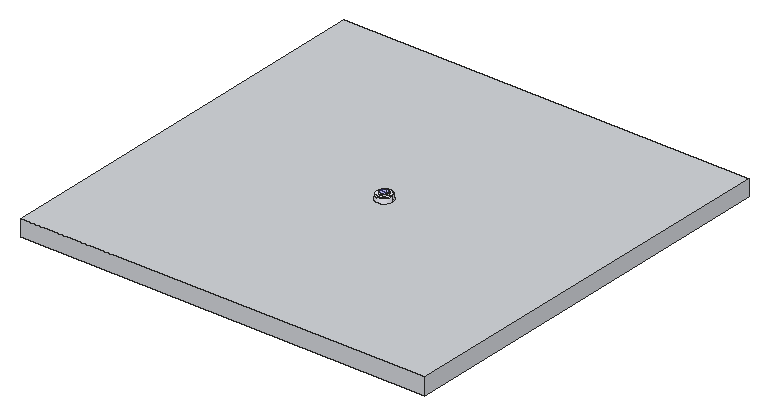
Revit family "BEG-92154", category Dispositifs d'éclairage, Revit 2015
Parameters
  Detection zone [instance] = yes
  Seat area [instance] = height position < 301 cm  # yes
  URL = "http://www.luxomat.com/en-92154"
  Type of output = "SWITCH"
  Ambiant temperature = "-25°C to +50°C"
  Ref = "92154"
  Relay = "3A"
  height position [instance] = 250 cm
  direct Range [instance] = height position * 2.4  # 600 cm
  transversal Range [instance] = height position * 4  # 1000 cm
  Modèle = "PD2/M/2C-11-48V-3A-SM"
  Installation type = "Ceiling"
  Brand = "LUXOMAT"
  Image du type = 92550.jpg
  IP = "20"
  Mounting height max = Installation height max  # 300 cm
  Installation height max = 300 cm
  Fabricant = "B.E.G"
  Label [instance] = yes
  Default Elevation = 0 cm
  Consumption = "0,29W"
  Commentaires du type = "Occupancy detector PD2/M/2C-11-48V-3A-SM"
  Code d'assemblage = "D5010200"
  Class = "2"
  Switching power LED = "0"
  Switching power Cos ɸ =1 = "0"
  Switching power Cos ɸ =0.5 = "0"
  Power voltage = "11-48V AC/DC"
  seated activity [instance] = height position * 1.6  # 400 cm
Reference planes (cm)
  plane 1 "Centre (avant/arrière)": y = 0
  plane 2: z = 0
  plane 3 "Centre (gauche/droite)": x = 0
Forms (cm)
  Extrusion 1, solid
    sketch origin (0, 0, 0) x (1, 0, 0) y (0, 1, 0)
      loop
        line (-121.92, 121.92) -> (-121.92, -121.92) -> (121.92, -121.92) -> (121.92, 121.92) -> (-121.92, 121.92)
    from 0 to -10
Dimensions and locks (cm)
  aligned and locked: plane 2 to Extrusion 1
  aligned and locked: level to Extrusion 1
  aligned and locked: nested 2 to plane 2
Nested families (cm)
  nested 1: "Famille1" at (0, -72.6659, 0) x (-1, 0, 0) z (0, 0, 1), reference <- "Ref", modele <- "Modèle", visible <- "Label", type "Famille1"
    with reference "92154", modele "PD2/M/2C-11-48V-3A-SM"
  nested 2: "M8" at (0, 0, 0), type "Standard"
  nested 3: "zone G" at (0, 0, 0) x (-1, 0, 0) z (0, 0, 1), visible <- "Detection zone", activité assise <- "seated activity", biais <- "transversal Range", frontal <- "direct Range", Zone assise <- "Seat area", type "zone G"
    with position 2 240 cm, position 1 400 cm, frontal 600 cm, biais 1000 cm, activité assise 400 cm, Zone assise yes
  nested 4: "Plafond 360° 2D" at (0, 0, 0), type "Plafond 360° 2D"
Connectors (cm)
  electrical at (0, 0, 0)
    settings: on nested 2, index 1, voltage 48 V, apparent load 0 VA, apparent load phase1 0 VA, apparent load phase2 0 VA, apparent load phase3 0 VA, power factor 1, load classification "Eclairage", number of poles 1, system type 31, power factor state 1, is connector primary yes, connector utility no, sub classification motor no, connector description ""
Definition of nested family "M8"
  Reference planes (cm)
    plane 1 "Centre (avant/arrière)": y = 0
    plane 2: z = 0
    plane 3 "Centre (gauche/droite)": x = 0
    plane 4: y = 0
  Forms (cm)
    Revolve 1, solid
      sketch origin (0, 0, 0) x (-1, 0, 0) y (0, 0, 1)
        loop
          line (0, 0) -> (0, 3.6) -> (-2.45, 3.6) -> (-2.6598, 3.35) -> (-2.6598, 3.1) -> (-4.3661, 2.8) -> (-4.69, 2.4) -> (-4.9, 0) -> (0, 0)
        axis (0, 0) -> (0, 3.6)
      angle from 0 to 360
    Revolve 2, solid
      sketch origin (0, 0, 0) x (-1, 0, 0) y (0, 0, 1)
        loop
          line (0, 3.6) -> (0, 5)
          arc (0, 5) -> (-1.3892, 4.6244) -> (-2.4, 3.6) r 2.7571
          line (-2.4, 3.6) -> (0, 3.6)
        axis (0, 3.6) -> (0, 5)
      angle from 0 to 360
  Lines and regions (cm)
    reference lines
      curve 1: line (0, 0, 0) -> (0, 0, 5)
      curve 2: line (2.45, 0, 3.6) -> (0, 0, 3.6)
      curve 3: line (2.6598, 0, 3.35) -> (2.45, 0, 3.6)
      curve 4: line (2.6598, 0, 3.35) -> (2.6598, 0, 3.1)
      curve 5: line (4.3661, 0, 2.8) -> (2.6598, 0, 3.1)
      curve 6: line (4.69, 0, 2.4) -> (4.3661, 0, 2.8)
      curve 7: line (4.9, 0, 0) -> (4.69, 0, 2.4)
      curve 8: line (0, 0, 0) -> (4.9, 0, 0)
      curve 9: line (0, 0, 5) -> (0, 0, 3.6)
      curve 10: arc (0, 0, 5) -> (1.3892, 0, 4.6244) -> (2.4, 0, 3.6) r 2.7571
      curve 11: line (0, 0, 3.6) -> (2.4, 0, 3.6)
      curve 12: line (0, 0, 0) -> (0, 0, 5)
  Dimensions and locks (cm)
    aligned and locked: level to plane 2
    aligned and locked: Revolve 1 sketch curve to curve 1  (x2)
    aligned and locked: Revolve 1 sketch curve to curve 2
    aligned and locked: Revolve 1 sketch curve to curve 3
    aligned and locked: Revolve 1 sketch curve to curve 4
    aligned and locked: Revolve 1 sketch curve to curve 5
    aligned and locked: Revolve 1 sketch curve to curve 6
    aligned and locked: Revolve 1 sketch curve to curve 7
    aligned and locked: Revolve 1 sketch curve to curve 8
    aligned and locked: Revolve 2 sketch curve to curve 9
    aligned and locked: Revolve 2 sketch curve to curve 10
    aligned and locked: Revolve 2 sketch curve to curve 11
    aligned and locked: Revolve 2 sketch curve to curve 12
Definition of nested family "Famille1"
  Parameters (values of type "Famille1")
    reference [instance] = ""
    modele [instance] = ""
  Reference planes (cm)
    plane 1: y = 0
    plane 2: x = 0
  Text (cm)
    label "reference\n\nmodele" at (0.0074, 0.0451, 0), shows "reference", "modele"
Definition of nested family "zone G"
  Parameters (values of type "zone G")
    position 2 [instance] = (frontal / 2) * 0.8  # 240 cm
    position 1 [instance] = (biais / 2) * 0.8  # 400 cm
    frontal [instance] = 600 cm
    biais [instance] = 1000 cm
    activité assise [instance] = 400 cm
    Zone assise [instance] = yes
  Reference planes (cm)
    plane 1 "Centre (avant/arrière)": y = 0
    plane 2: z = 0
    plane 3 "Centre (gauche/droite)": x = 0
    plane 4: x = -400
    plane 5: y = -240
  Lines and regions (cm)
    detail lines, in view "Niveau de réf.", visible <- "Zone assise"
      curve 1: circle (0, 0, 0) r 200 normal (0, 0, 1)
      curve 4: spline (-105.2767, 3.2118, 0) -> (-104.9106, 3.0586, 0) -> (-103.8375, 2.9158, 0) -> (-102.1303, 2.7932, 0) -> (-99.9055, 2.6991, 0) -> (-97.3146, 2.6399, 0) -> (-94.5343, 2.6198, 0) -> (-91.7539, 2.6399, 0) -> (-89.163, 2.6991, 0) -> (-86.9382, 2.7932, 0) -> (-85.231, 2.9158, 0) -> (-84.1579, 3.0586, 0) -> (-83.7918, 3.2118, 0) -> (-84.1579, 3.365, 0) -> (-85.231, 3.5078, 0) -> (-86.9382, 3.6305, 0) -> (-89.163, 3.7245, 0) -> (-91.7539, 3.7837, 0) -> (-94.5343, 3.8039, 0) -> (-97.3146, 3.7837, 0) -> (-99.9055, 3.7245, 0) -> (-102.1303, 3.6305, 0) -> (-103.8375, 3.5078, 0) -> (-104.9106, 3.365, 0) -> (-105.2767, 3.2118, 0)
      curve 5: line (-105.2767, 3.2118, 0) -> (-103.7271, 3.5181, 0)
      curve 6: arc (-102.6495, -16.5888, 0) -> (-107.2915, -17.186, 0) -> (-111.6311, -18.9388, 0) r 18.3388
      curve 7: arc (-111.6311, -18.9388, 0) -> (-111.6982, -19.0046, 0) -> (-111.7229, -19.0953, 0) r 0.1799
      curve 8: arc (-102.4571, -17.1805, 0) -> (-106.7473, -17.5804, 0) -> (-110.8538, -18.8852, 0) r 20.1051
      curve 9: arc (-110.8538, -18.8852, 0) -> (-111.0396, -18.979, 0) -> (-111.2122, -19.0953, 0) r 1.6679
      curve 10: circle (-111.4676, -19.8292, 0) r 0.5096 normal (0, 0, 1)
      curve 11: arc (-110.898, -19.8292, 0) -> (-111.4676, -19.2597, 0) -> (-112.0372, -19.8292, 0) r 0.5696
      curve 12: arc (-110.838, -19.8292, 0) -> (-111.4676, -19.1997, 0) -> (-112.0972, -19.8292, 0) r 0.6296
      curve 13: arc (-86.4191, -16.5888, 0) -> (-81.7771, -17.186, 0) -> (-77.4374, -18.9388, 0) r 18.3388
      curve 14: arc (-77.4374, -18.9388, 0) -> (-77.3704, -19.0046, 0) -> (-77.3456, -19.0953, 0) r 0.1799
      curve 15: arc (-86.6114, -17.1805, 0) -> (-82.3212, -17.5804, 0) -> (-78.2147, -18.8852, 0) r 20.1051
      curve 16: arc (-78.2147, -18.8852, 0) -> (-78.0289, -18.979, 0) -> (-77.8563, -19.0953, 0) r 1.6679
      curve 17: circle (-77.6009, -19.8292, 0) r 0.5096 normal (0, 0, 1)
      curve 18: arc (-77.0314, -19.8292, 0) -> (-77.6009, -19.2597, 0) -> (-78.1705, -19.8292, 0) r 0.5696
      curve 19: arc (-76.9714, -19.8292, 0) -> (-77.6009, -19.1997, 0) -> (-78.2305, -19.8292, 0) r 0.6296
      curve 20: arc (-95.2593, -16.5888, 0) -> (-98.9871, -17.441, 0) -> (-102.5056, -18.9388, 0) r 21.5424
      curve 21: arc (-102.5056, -18.9388, 0) -> (-102.5726, -19.0046, 0) -> (-102.5974, -19.0953, 0) r 0.1799
      curve 22: arc (-95.2593, -17.1805, 0) -> (-98.5536, -17.8061, 0) -> (-101.7283, -18.8852, 0) r 23.9713
      curve 23: arc (-101.7283, -18.8852, 0) -> (-101.911, -18.9772, 0) -> (-102.081, -19.0909, 0) r 1.6679
      curve 24: arc (-95.0229, -17.1805, 0) -> (-98.2689, -17.8294, 0) -> (-101.4063, -18.8852, 0) r 26.0219
      curve 25: arc (-101.4063, -18.8852, 0) -> (-101.592, -18.979, 0) -> (-101.7647, -19.0953, 0) r 1.6679
      curve 26: circle (-102.181, -19.8292, 0) r 0.5096 normal (0, 0, 1)
      curve 27: arc (-101.6114, -19.8292, 0) -> (-102.181, -19.2597, 0) -> (-102.7506, -19.8292, 0) r 0.5696
      curve 28: arc (-101.5514, -19.8292, 0) -> (-102.181, -19.1997, 0) -> (-102.8106, -19.8292, 0) r 0.6296
      curve 29: arc (-93.8092, -16.5888, 0) -> (-90.0814, -17.441, 0) -> (-86.5629, -18.9388, 0) r 21.5424
      curve 30: arc (-86.5629, -18.9388, 0) -> (-86.4959, -19.0046, 0) -> (-86.4711, -19.0953, 0) r 0.1799
      curve 31: arc (-93.8092, -17.1805, 0) -> (-90.5149, -17.8061, 0) -> (-87.3402, -18.8852, 0) r 23.9713
      curve 32: arc (-87.3402, -18.8852, 0) -> (-87.1544, -18.979, 0) -> (-86.9818, -19.0953, 0) r 1.6679
      curve 33: arc (-94.0457, -17.1805, 0) -> (-90.7996, -17.8294, 0) -> (-87.6622, -18.8852, 0) r 26.0219
      curve 34: arc (-87.6622, -18.8852, 0) -> (-87.4765, -18.979, 0) -> (-87.3039, -19.0953, 0) r 1.6679
      curve 35: circle (-86.8875, -19.8292, 0) r 0.5096 normal (0, 0, 1)
      curve 36: arc (-86.3179, -19.8292, 0) -> (-86.8875, -19.2597, 0) -> (-87.4571, -19.8292, 0) r 0.5696
      curve 37: arc (-86.2579, -19.8292, 0) -> (-86.8875, -19.1997, 0) -> (-87.5171, -19.8292, 0) r 0.6296
      curve 38: arc (-103.0079, 8.8705, 0) -> (-101.8776, 5.8173, 0) -> (-98.8653, 4.5819, 0) r 4.0512
      curve 39: arc (-83.7186, 4.2269, 0) -> (-82.9538, 3.7817, 0) -> (-82.7946, 2.9112, 0) r 1.0582
      curve 40: arc (-82.7946, 2.9112, 0) -> (-84.0889, -6.227, 0) -> (-84.0703, -15.4564, 0) r 64.7189
      curve 41: arc (-84.0703, -15.4564, 0) -> (-83.933, -16.0031, 0) -> (-83.4527, -16.2981, 0) r 0.7467
      curve 42: arc (-83.4527, -16.2981, 0) -> (-80.3714, -16.8717, 0) -> (-77.238, -16.9405, 0) r 19.3577
      curve 43: arc (-77.238, -16.9405, 0) -> (-77.6363, -16.4391, 0) -> (-78.2461, -16.244, 0) r 1.1013
      curve 44: arc (-78.2461, -16.244, 0) -> (-80.4274, -15.8096, 0) -> (-82.5587, -15.1742, 0) r 23.8747
      curve 45: arc (-82.5587, -15.1742, 0) -> (-81.6045, -6.5488, 0) -> (-80.848, 2.0961, 0) r 379.1961
      curve 46: arc (-80.848, 2.0961, 0) -> (-81.0708, 4.8418, 0) -> (-83.0581, 6.7494, 0) r 3.8846
      curve 47: arc (-83.0581, 6.7494, 0) -> (-89.2141, 8.8147, 0) -> (-95.6542, 9.6431, 0) r 33.2193
      curve 48: arc (-95.6542, 9.6431, 0) -> (-94.8516, 17.305, 0) -> (-94.8609, 25.0089, 0) r 72.9952
      curve 49: arc (-95.1116, 28.28, 0) -> (-95.2196, 29.2958, 0) -> (-95.3418, 30.31, 0) r 72.9952
      curve 50: arc (-98.1747, 30.0752, 0) -> (-100.3426, 29.2913, 0) -> (-99.4886, 27.1501, 0) r 1.6042
      curve 51: arc (-95.3418, 30.31, 0) -> (-98.7298, 32.2574, 0) -> (-102.1179, 30.31, 0) r 3.9209
      curve 52: arc (-68.8418, 20.3177, 0) -> (-68.8537, 20.2265, 0) -> (-68.9411, 20.2549, 0) r 0.0597
      curve 53: arc (-70.9776, 20.5408, 0) -> (-70.9496, 20.3832, 0) -> (-71.1082, 20.3621, 0) r 0.1108
      curve 54: spline (-98.8908, 41.6409, 0) -> (-97.9793, 41.5103, 0) -> (-97.1229, 41.0855, 0) -> (-96.38, 40.3954, 0) -> (-95.8012, 39.4871, 0) -> (-95.426, 38.4224, 0) -> (-95.2799, 37.274, 0) -> (-95.3728, 36.12, 0) -> (-95.6985, 35.0392, 0) -> (-96.2348, 34.1051, 0) -> (-96.945, 33.3815, 0) -> (-97.7809, 32.9176, 0) -> (-98.6854, 32.7451, 0) -> (-99.5969, 32.8757, 0) -> (-100.4532, 33.3005, 0) -> (-101.1961, 33.9906, 0) -> (-101.7749, 34.8989, 0) -> (-102.1502, 35.9636, 0) -> (-102.2963, 37.112, 0) -> (-102.2033, 38.266, 0) -> (-101.8776, 39.3468, 0) -> (-101.3414, 40.2809, 0) -> (-100.6311, 41.0045, 0) -> (-99.7953, 41.4684, 0) -> (-98.8908, 41.6409, 0)
      curve 55: line (-74.1608, -20.3388, 0) -> (-33.3759, -20.3388, 0)
      curve 56: line (-33.3759, -20.3388, 0) -> (-33.3759, 18.6681, 0)
      curve 57: line (-33.3759, 18.6681, 0) -> (-74.1608, 18.6681, 0)
      curve 58: line (-74.1608, 18.6681, 0) -> (-74.1608, -20.3388, 0)
      curve 59: line (-74.1608, -20.3388, 0) -> (-120.7181, -20.3388, 0)
      curve 60: line (-80.1025, 18.6681, 0) -> (-27.4342, 18.6681, 0)
      curve 61: line (-27.4342, 18.6681, 0) -> (-27.4342, 20.1345, 0)
      curve 62: line (-27.4342, 20.1345, 0) -> (-80.1025, 20.1345, 0)
      curve 63: line (-80.1025, 20.1345, 0) -> (-80.1025, 18.6681, 0)
      curve 64: line (-95.5223, 2.6198, 0) -> (-93.5462, 2.6198, 0)
      curve 65: line (-93.5462, 2.6198, 0) -> (-93.5462, -16.5888, 0)
      curve 66: line (-93.5462, -16.5888, 0) -> (-95.5223, -16.5888, 0)
      curve 67: line (-95.5223, -16.5888, 0) -> (-95.5223, 2.6198, 0)
      curve 68: line (-95.5223, -16.5888, 0) -> (-102.6495, -16.5888, 0)
      curve 69: line (-111.7229, -19.0953, 0) -> (-111.2122, -19.0953, 0)
      curve 70: line (-93.8092, -16.5888, 0) -> (-94.0457, -17.1805, 0)
      curve 71: line (-94.0457, -17.1805, 0) -> (-93.8092, -17.1805, 0)
      curve 72: line (-93.8092, -17.1805, 0) -> (-94.5343, -17.1805, 0)
      curve 73: line (-94.5343, -17.1805, 0) -> (-95.2593, -17.1805, 0)
      curve 74: line (-95.2593, -17.1805, 0) -> (-95.0229, -17.1805, 0)
      curve 75: line (-95.0229, -17.1805, 0) -> (-95.2593, -16.5888, 0)
      curve 76: line (-98.1226, -17.1805, 0) -> (-102.4571, -17.1805, 0)
      curve 77: line (-112.0372, -19.8292, 0) -> (-112.0972, -19.8292, 0)
      curve 78: line (-110.898, -19.8292, 0) -> (-110.838, -19.8292, 0)
      curve 79: line (-111.3676, -19.2076, 0) -> (-111.3676, -19.0953, 0)
      curve 80: line (-111.5676, -19.2076, 0) -> (-111.5676, -19.0953, 0)
      curve 81: line (-93.5462, -16.5888, 0) -> (-86.4191, -16.5888, 0)
      curve 82: line (-77.3456, -19.0953, 0) -> (-77.8563, -19.0953, 0)
      curve 83: line (-90.9459, -17.1805, 0) -> (-86.6114, -17.1805, 0)
      curve 84: line (-77.0314, -19.8292, 0) -> (-76.9714, -19.8292, 0)
      curve 85: line (-78.1705, -19.8292, 0) -> (-78.2305, -19.8292, 0)
      curve 86: line (-77.7009, -19.2076, 0) -> (-77.7009, -19.0953, 0)
      curve 87: line (-77.5009, -19.2076, 0) -> (-77.5009, -19.0953, 0)
      curve 88: line (-102.5974, -19.0953, 0) -> (-101.7647, -19.0953, 0)
      curve 89: line (-102.7506, -19.8292, 0) -> (-102.8106, -19.8292, 0)
      curve 90: line (-101.6114, -19.8292, 0) -> (-101.5514, -19.8292, 0)
      curve 91: line (-102.081, -19.2076, 0) -> (-102.081, -19.0909, 0)
      curve 92: line (-102.281, -19.2076, 0) -> (-102.281, -19.0953, 0)
      curve 93: line (-86.4711, -19.0953, 0) -> (-87.3039, -19.0953, 0)
      curve 94: line (-86.3179, -19.8292, 0) -> (-86.2579, -19.8292, 0)
      curve 95: line (-87.4571, -19.8292, 0) -> (-87.5171, -19.8292, 0)
      curve 96: line (-86.9875, -19.2076, 0) -> (-86.9875, -19.0953, 0)
      curve 97: line (-86.7875, -19.2076, 0) -> (-86.7875, -19.0953, 0)
      curve 98: line (-98.8653, 4.5819, 0) -> (-83.7186, 4.2269, 0)
      curve 99: line (-103.0079, 8.8705, 0) -> (-102.1179, 30.31, 0)
      curve 100: line (-98.1747, 30.0752, 0) -> (-85.3255, 22.5448, 0)
      curve 101: line (-85.3255, 22.5448, 0) -> (-74.2929, 21.667, 0)
      curve 102: line (-74.2929, 21.667, 0) -> (-71.6033, 21.7219, 0)
      curve 103: line (-71.6033, 21.7219, 0) -> (-69.7371, 21.2829, 0)
      curve 104: line (-69.7371, 21.2829, 0) -> (-68.8418, 20.3177, 0)
      curve 105: line (-68.9411, 20.2549, 0) -> (-69.7808, 21.0896, 0)
      curve 106: line (-69.7808, 21.0896, 0) -> (-71.6115, 21.2989, 0)
      curve 107: line (-71.6115, 21.2989, 0) -> (-72.0159, 21.0248, 0)
      curve 108: line (-72.0159, 21.0248, 0) -> (-70.9776, 20.5408, 0)
      curve 109: line (-71.1082, 20.3621, 0) -> (-72.6656, 20.8949, 0)
      curve 110: line (-72.6656, 20.8949, 0) -> (-74.496, 20.6558, 0)
      curve 111: line (-74.496, 20.6558, 0) -> (-86.0144, 20.9158, 0)
      curve 112: line (-86.0144, 20.9158, 0) -> (-99.4886, 27.1501, 0)
      curve 113: line (-99.8644, 32.9741, 0) -> (-99.9944, 32.0479, 0)
      curve 114: line (-97.5142, 33.0301, 0) -> (-97.3718, 32.0147, 0)
      curve 115: line (-33.3759, -20.3388, 0) -> (-21.8014, -20.3388, 0)
    detail lines, in view "Niveau de réf."
      curve 2: circle (0, 0, 0) r 300 normal (0, 0, 1)
      curve 3: circle (0, 0, 0) r 500 normal (0, 0, 1)
      curve 116: spline (2.3068, -267.7265, 0) -> (4.0856, -267.3949, 0) -> (5.7432, -266.4226, 0) -> (7.1667, -264.876, 0) -> (8.2589, -262.8603, 0) -> (8.9455, -260.5131, 0) -> (9.1797, -257.9942, 0) -> (8.9455, -255.4753, 0) -> (8.2589, -253.1281, 0) -> (7.1667, -251.1125, 0) -> (5.7432, -249.5658, 0) -> (4.0856, -248.5936, 0) -> (2.3068, -248.262, 0) -> (0.5279, -248.5936, 0) -> (-1.1297, -249.5658, 0) -> (-2.5531, -251.1125, 0) -> (-3.6453, -253.1281, 0) -> (-4.3319, -255.4753, 0) -> (-4.5661, -257.9942, 0) -> (-4.3319, -260.5131, 0) -> (-3.6453, -262.8603, 0) -> (-2.5531, -264.876, 0) -> (-1.1297, -266.4226, 0) -> (0.5279, -267.3949, 0) -> (2.3068, -267.7265, 0)
      curve 117: line (-4.7649, -255.0929, 0) -> (0.5136, -267.9212, 0)
      curve 118: line (3.5648, -268.0775, 0) -> (9.2455, -254.5266, 0)
      curve 119: line (-0.3759, -248.4588, 0) -> (-3.0011, -250.8806, 0)
      curve 120: line (3.5053, -268.5045, 0) -> (6.62, -268.3756, 0)
      curve 121: line (1.7304, -268.3525, 0) -> (3.5053, -268.5045, 0)
      curve 122: line (-4.7649, -255.0929, 0) -> (0.5136, -267.9212, 0)
      curve 123: line (-21.1936, -255.3894, 0) -> (-24.4202, -257.3623, 0)
      curve 124: line (-21.1936, -255.3894, 0) -> (-24.4202, -257.3623, 0)
      curve 125: line (-0.3759, -248.4588, 0) -> (-3.0011, -250.8806, 0)
      curve 126: line (1.7304, -268.3525, 0) -> (6.62, -268.3756, 0)
      curve 127: line (3.5648, -268.0775, 0) -> (9.2455, -254.5266, 0)
      curve 128: line (0, -240, 0) -> (0, -209.0788, 0)
      curve 129: line (0, -209.0788, 0) -> (0, -200.7814, 0)
      curve 130: spline (-397.6932, -27.7265, 0) -> (-395.9144, -27.3949, 0) -> (-394.2568, -26.4226, 0) -> (-392.8333, -24.876, 0) -> (-391.7411, -22.8603, 0) -> (-391.0545, -20.5131, 0) -> (-390.8203, -17.9942, 0) -> (-391.0545, -15.4753, 0) -> (-391.7411, -13.1281, 0) -> (-392.8333, -11.1125, 0) -> (-394.2568, -9.5658, 0) -> (-395.9144, -8.5936, 0) -> (-397.6932, -8.262, 0) -> (-399.4721, -8.5936, 0) -> (-401.1297, -9.5658, 0) -> (-402.5531, -11.1125, 0) -> (-403.6453, -13.1281, 0) -> (-404.3319, -15.4753, 0) -> (-404.5661, -17.9942, 0) -> (-404.3319, -20.5131, 0) -> (-403.6453, -22.8603, 0) -> (-402.5531, -24.876, 0) -> (-401.1297, -26.4226, 0) -> (-399.4721, -27.3949, 0) -> (-397.6932, -27.7265, 0)
      curve 131: line (-404.7649, -15.0929, 0) -> (-399.4864, -27.9212, 0)
      curve 132: line (-396.4352, -28.0775, 0) -> (-390.7545, -14.5266, 0)
      curve 133: line (-400.3759, -8.4588, 0) -> (-403.0011, -10.8806, 0)
      curve 134: line (-396.4947, -28.5045, 0) -> (-393.38, -28.3756, 0)
      curve 135: line (-398.2696, -28.3525, 0) -> (-396.4947, -28.5045, 0)
      curve 136: line (-404.7649, -15.0929, 0) -> (-399.4864, -27.9212, 0)
      curve 137: line (-421.1936, -15.3894, 0) -> (-424.4202, -17.3623, 0)
      curve 138: line (-421.1936, -15.3894, 0) -> (-424.4202, -17.3623, 0)
      curve 139: line (-400.3759, -8.4588, 0) -> (-403.0011, -10.8806, 0)
      curve 140: line (-398.2696, -28.3525, 0) -> (-393.38, -28.3756, 0)
      curve 141: line (-396.4352, -28.0775, 0) -> (-390.7545, -14.5266, 0)
      curve 142: line (-400, 0, 0) -> (-400, 30.9212, 0)
      curve 143: line (-400, 30.9212, 0) -> (-400, 39.2186, 0)
    detail lines, in view "Niveau de réf.", visible <- "Zone assise", not visible
      curve 144: spline (925.976, -22.5654, 0) -> (926.342, -22.7186, 0) -> (927.4152, -22.8614, 0) -> (929.1224, -22.984, 0) -> (931.3472, -23.0781, 0) -> (933.938, -23.1373, 0) -> (936.7184, -23.1574, 0) -> (939.4987, -23.1373, 0) -> (942.0896, -23.0781, 0) -> (944.3144, -22.984, 0) -> (946.0216, -22.8614, 0) -> (947.0948, -22.7186, 0) -> (947.4608, -22.5654, 0) -> (947.0948, -22.4122, 0) -> (946.0216, -22.2694, 0) -> (944.3144, -22.1467, 0) -> (942.0896, -22.0527, 0) -> (939.4987, -21.9935, 0) -> (936.7184, -21.9733, 0) -> (933.938, -21.9935, 0) -> (931.3472, -22.0527, 0) -> (929.1224, -22.1467, 0) -> (927.4152, -22.2694, 0) -> (926.342, -22.4122, 0) -> (925.976, -22.5654, 0)
      curve 145: line (925.976, -22.5654, 0) -> (927.5256, -22.2591, 0)
      curve 146: arc (928.6032, -42.366, 0) -> (923.9612, -42.9632, 0) -> (919.6215, -44.716, 0) r 18.3388
      curve 147: arc (919.6215, -44.716, 0) -> (919.5545, -44.7818, 0) -> (919.5297, -44.8725, 0) r 0.1799
      curve 148: arc (928.7956, -42.9577, 0) -> (924.5053, -43.3576, 0) -> (920.3988, -44.6624, 0) r 20.1051
      curve 149: arc (920.3988, -44.6624, 0) -> (920.213, -44.7562, 0) -> (920.0404, -44.8725, 0) r 1.6679
      curve 150: circle (919.7851, -45.6065, 0) r 0.5096 normal (0, 0, 1)
      curve 151: arc (920.3547, -45.6065, 0) -> (919.7851, -45.0369, 0) -> (919.2155, -45.6065, 0) r 0.5696
      curve 152: arc (920.4147, -45.6065, 0) -> (919.7851, -44.9769, 0) -> (919.1555, -45.6065, 0) r 0.6296
      curve 153: arc (944.8336, -42.366, 0) -> (949.4756, -42.9632, 0) -> (953.8152, -44.716, 0) r 18.3388
      curve 154: arc (953.8152, -44.716, 0) -> (953.8823, -44.7818, 0) -> (953.907, -44.8725, 0) r 0.1799
      curve 155: arc (944.6412, -42.9577, 0) -> (948.9315, -43.3576, 0) -> (953.038, -44.6624, 0) r 20.1051
      curve 156: arc (953.038, -44.6624, 0) -> (953.2237, -44.7562, 0) -> (953.3964, -44.8725, 0) r 1.6679
      curve 157: circle (953.6517, -45.6065, 0) r 0.5096 normal (0, 0, 1)
      curve 158: arc (954.2213, -45.6065, 0) -> (953.6517, -45.0369, 0) -> (953.0821, -45.6065, 0) r 0.5696
      curve 159: arc (954.2813, -45.6065, 0) -> (953.6517, -44.9769, 0) -> (953.0221, -45.6065, 0) r 0.6296
      curve 160: arc (935.9933, -42.366, 0) -> (932.2655, -43.2182, 0) -> (928.7471, -44.716, 0) r 21.5424
      curve 161: arc (928.7471, -44.716, 0) -> (928.68, -44.7818, 0) -> (928.6553, -44.8725, 0) r 0.1799
      curve 162: arc (935.9933, -42.9577, 0) -> (932.6991, -43.5833, 0) -> (929.5243, -44.6624, 0) r 23.9713
      curve 163: arc (929.5243, -44.6624, 0) -> (929.3417, -44.7544, 0) -> (929.1716, -44.8681, 0) r 1.6679
      curve 164: arc (936.2298, -42.9577, 0) -> (932.9838, -43.6066, 0) -> (929.8464, -44.6624, 0) r 26.0219
      curve 165: arc (929.8464, -44.6624, 0) -> (929.6606, -44.7562, 0) -> (929.488, -44.8725, 0) r 1.6679
      curve 166: circle (929.0716, -45.6065, 0) r 0.5096 normal (0, 0, 1)
      curve 167: arc (929.6412, -45.6065, 0) -> (929.0716, -45.0369, 0) -> (928.502, -45.6065, 0) r 0.5696
      curve 168: arc (929.7012, -45.6065, 0) -> (929.0716, -44.9769, 0) -> (928.442, -45.6065, 0) r 0.6296
      curve 169: arc (937.4435, -42.366, 0) -> (941.1713, -43.2182, 0) -> (944.6897, -44.716, 0) r 21.5424
      curve 170: arc (944.6897, -44.716, 0) -> (944.7568, -44.7818, 0) -> (944.7815, -44.8725, 0) r 0.1799
      curve 171: arc (937.4435, -42.9577, 0) -> (940.7377, -43.5833, 0) -> (943.9124, -44.6624, 0) r 23.9713
      curve 172: arc (943.9124, -44.6624, 0) -> (944.0982, -44.7562, 0) -> (944.2708, -44.8725, 0) r 1.6679
      curve 173: arc (937.207, -42.9577, 0) -> (940.453, -43.6066, 0) -> (943.5904, -44.6624, 0) r 26.0219
      curve 174: arc (943.5904, -44.6624, 0) -> (943.7762, -44.7562, 0) -> (943.9488, -44.8725, 0) r 1.6679
      curve 175: circle (944.3651, -45.6065, 0) r 0.5096 normal (0, 0, 1)
      curve 176: arc (944.9347, -45.6065, 0) -> (944.3651, -45.0369, 0) -> (943.7956, -45.6065, 0) r 0.5696
      curve 177: arc (944.9947, -45.6065, 0) -> (944.3651, -44.9769, 0) -> (943.7356, -45.6065, 0) r 0.6296
      curve 178: arc (928.2447, -16.9067, 0) -> (929.3751, -19.9599, 0) -> (932.3873, -21.1953, 0) r 4.0512
      curve 179: arc (947.5341, -21.5503, 0) -> (948.2989, -21.9955, 0) -> (948.4581, -22.866, 0) r 1.0582
      curve 180: arc (948.4581, -22.866, 0) -> (947.1637, -32.0042, 0) -> (947.1824, -41.2336, 0) r 64.7189
      curve 181: arc (947.1824, -41.2336, 0) -> (947.3196, -41.7803, 0) -> (947.8, -42.0753, 0) r 0.7467
      curve 182: arc (947.8, -42.0753, 0) -> (950.8812, -42.6489, 0) -> (954.0146, -42.7177, 0) r 19.3577
      curve 183: arc (954.0146, -42.7177, 0) -> (953.6164, -42.2163, 0) -> (953.0065, -42.0212, 0) r 1.1013
      curve 184: arc (953.0065, -42.0212, 0) -> (950.8253, -41.5868, 0) -> (948.6939, -40.9514, 0) r 23.8747
      curve 185: arc (948.6939, -40.9514, 0) -> (949.6481, -32.326, 0) -> (950.4047, -23.6811, 0) r 379.1961
      curve 186: arc (950.4047, -23.6811, 0) -> (950.1819, -20.9354, 0) -> (948.1945, -19.0278, 0) r 3.8846
      curve 187: arc (948.1945, -19.0278, 0) -> (942.0386, -16.9625, 0) -> (935.5985, -16.1341, 0) r 33.2193
      curve 188: arc (935.5985, -16.1341, 0) -> (936.4011, -8.4722, 0) -> (936.3918, -0.7683, 0) r 72.9952
      curve 189: arc (936.1411, 2.5028, 0) -> (936.0331, 3.5186, 0) -> (935.9108, 4.5328, 0) r 72.9952
      curve 190: arc (933.0779, 4.298, 0) -> (930.9101, 3.5141, 0) -> (931.7641, 1.3729, 0) r 1.6042
      curve 191: arc (935.9108, 4.5328, 0) -> (932.5228, 6.4802, 0) -> (929.1348, 4.5328, 0) r 3.9209
      curve 192: arc (962.4108, -5.4595, 0) -> (962.3989, -5.5507, 0) -> (962.3115, -5.5223, 0) r 0.0597
      curve 193: arc (960.275, -5.2364, 0) -> (960.303, -5.394, 0) -> (960.1444, -5.4151, 0) r 0.1108
      curve 194: spline (932.3619, 15.8637, 0) -> (933.2734, 15.7331, 0) -> (934.1297, 15.3083, 0) -> (934.8726, 14.6182, 0) -> (935.4514, 13.7099, 0) -> (935.8267, 12.6452, 0) -> (935.9728, 11.4968, 0) -> (935.8798, 10.3428, 0) -> (935.5541, 9.262, 0) -> (935.0179, 8.3279, 0) -> (934.3076, 7.6043, 0) -> (933.4718, 7.1404, 0) -> (932.5673, 6.9679, 0) -> (931.6558, 7.0985, 0) -> (930.7994, 7.5233, 0) -> (930.0565, 8.2134, 0) -> (929.4777, 9.1217, 0) -> (929.1025, 10.1864, 0) -> (928.9564, 11.3348, 0) -> (929.0493, 12.4888, 0) -> (929.375, 13.5696, 0) -> (929.9113, 14.5037, 0) -> (930.6215, 15.2273, 0) -> (931.4574, 15.6912, 0) -> (932.3619, 15.8637, 0)
      curve 195: line (957.0918, -46.116, 0) -> (997.8768, -46.116, 0)
      curve 196: line (997.8768, -46.116, 0) -> (997.8768, -7.1091, 0)
      curve 197: line (997.8768, -7.1091, 0) -> (957.0918, -7.1091, 0)
      curve 198: line (957.0918, -7.1091, 0) -> (957.0918, -46.116, 0)
      curve 199: line (957.0918, -46.116, 0) -> (910.5345, -46.116, 0)
      curve 200: line (951.1501, -7.1091, 0) -> (1003.8185, -7.1091, 0)
      curve 201: line (1003.8185, -7.1091, 0) -> (1003.8185, -5.6427, 0)
      curve 202: line (1003.8185, -5.6427, 0) -> (951.1501, -5.6427, 0)
      curve 203: line (951.1501, -5.6427, 0) -> (951.1501, -7.1091, 0)
      curve 204: line (935.7304, -23.1574, 0) -> (937.7064, -23.1574, 0)
      curve 205: line (937.7064, -23.1574, 0) -> (937.7064, -42.366, 0)
      curve 206: line (937.7064, -42.366, 0) -> (935.7304, -42.366, 0)
      curve 207: line (935.7304, -42.366, 0) -> (935.7304, -23.1574, 0)
      curve 208: line (935.7304, -42.366, 0) -> (928.6032, -42.366, 0)
      curve 209: line (919.5297, -44.8725, 0) -> (920.0404, -44.8725, 0)
      curve 210: line (937.4435, -42.366, 0) -> (937.207, -42.9577, 0)
      curve 211: line (937.207, -42.9577, 0) -> (937.4435, -42.9577, 0)
      curve 212: line (937.4435, -42.9577, 0) -> (936.7184, -42.9577, 0)
      curve 213: line (936.7184, -42.9577, 0) -> (935.9933, -42.9577, 0)
      curve 214: line (935.9933, -42.9577, 0) -> (936.2298, -42.9577, 0)
      curve 215: line (936.2298, -42.9577, 0) -> (935.9933, -42.366, 0)
      curve 216: line (933.13, -42.9577, 0) -> (928.7956, -42.9577, 0)
      curve 217: line (919.2155, -45.6065, 0) -> (919.1555, -45.6065, 0)
      curve 218: line (920.3547, -45.6065, 0) -> (920.4147, -45.6065, 0)
      curve 219: line (919.8851, -44.9848, 0) -> (919.8851, -44.8725, 0)
      curve 220: line (919.6851, -44.9848, 0) -> (919.6851, -44.8725, 0)
      curve 221: line (937.7064, -42.366, 0) -> (944.8336, -42.366, 0)
      curve 222: line (953.907, -44.8725, 0) -> (953.3964, -44.8725, 0)
      curve 223: line (940.3068, -42.9577, 0) -> (944.6412, -42.9577, 0)
      curve 224: line (954.2213, -45.6065, 0) -> (954.2813, -45.6065, 0)
      curve 225: line (953.0821, -45.6065, 0) -> (953.0221, -45.6065, 0)
      curve 226: line (953.5517, -44.9848, 0) -> (953.5517, -44.8725, 0)
      curve 227: line (953.7517, -44.9848, 0) -> (953.7517, -44.8725, 0)
      curve 228: line (928.6553, -44.8725, 0) -> (929.488, -44.8725, 0)
      curve 229: line (928.502, -45.6065, 0) -> (928.442, -45.6065, 0)
      curve 230: line (929.6412, -45.6065, 0) -> (929.7012, -45.6065, 0)
      curve 231: line (929.1716, -44.9848, 0) -> (929.1716, -44.8681, 0)
      curve 232: line (928.9716, -44.9848, 0) -> (928.9716, -44.8725, 0)
      curve 233: line (944.7815, -44.8725, 0) -> (943.9488, -44.8725, 0)
      curve 234: line (944.9347, -45.6065, 0) -> (944.9947, -45.6065, 0)
      curve 235: line (943.7956, -45.6065, 0) -> (943.7356, -45.6065, 0)
      curve 236: line (944.2651, -44.9848, 0) -> (944.2651, -44.8725, 0)
      curve 237: line (944.4651, -44.9848, 0) -> (944.4651, -44.8725, 0)
      curve 238: line (932.3873, -21.1953, 0) -> (947.5341, -21.5503, 0)
      curve 239: line (928.2447, -16.9067, 0) -> (929.1348, 4.5328, 0)
      curve 240: line (933.0779, 4.298, 0) -> (945.9271, -3.2324, 0)
      curve 241: line (945.9271, -3.2324, 0) -> (956.9598, -4.1102, 0)
      curve 242: line (956.9598, -4.1102, 0) -> (959.6493, -4.0553, 0)
      curve 243: line (959.6493, -4.0553, 0) -> (961.5155, -4.4943, 0)
      curve 244: line (961.5155, -4.4943, 0) -> (962.4108, -5.4595, 0)
      curve 245: line (962.3115, -5.5223, 0) -> (961.4719, -4.6876, 0)
      curve 246: line (961.4719, -4.6876, 0) -> (959.6412, -4.4783, 0)
      curve 247: line (959.6412, -4.4783, 0) -> (959.2367, -4.7524, 0)
      curve 248: line (959.2367, -4.7524, 0) -> (960.275, -5.2364, 0)
      curve 249: line (960.1444, -5.4151, 0) -> (958.5871, -4.8823, 0)
      curve 250: line (958.5871, -4.8823, 0) -> (956.7566, -5.1214, 0)
      curve 251: line (956.7566, -5.1214, 0) -> (945.2383, -4.8614, 0)
      curve 252: line (945.2383, -4.8614, 0) -> (931.7641, 1.3729, 0)
      curve 253: line (931.3882, 7.1969, 0) -> (931.2583, 6.2707, 0)
      curve 254: line (933.7384, 7.2529, 0) -> (933.8809, 6.2375, 0)
      curve 255: line (997.8768, -46.116, 0) -> (1009.4512, -46.116, 0)
    detail lines, in view "Niveau de réf.", not visible
      curve 256: spline (630.3724, -48.277, 0) -> (632.1512, -47.9453, 0) -> (633.8088, -46.9731, 0) -> (635.2323, -45.4264, 0) -> (636.3245, -43.4108, 0) -> (637.0111, -41.0636, 0) -> (637.2453, -38.5447, 0) -> (637.0111, -36.0258, 0) -> (636.3245, -33.6786, 0) -> (635.2323, -31.663, 0) -> (633.8088, -30.1163, 0) -> (632.1512, -29.1441, 0) -> (630.3724, -28.8124, 0) -> (628.5935, -29.1441, 0) -> (626.9359, -30.1163, 0) -> (625.5125, -31.663, 0) -> (624.4202, -33.6786, 0) -> (623.7336, -36.0258, 0) -> (623.4995, -38.5447, 0) -> (623.7336, -41.0636, 0) -> (624.4202, -43.4108, 0) -> (625.5125, -45.4264, 0) -> (626.9359, -46.9731, 0) -> (628.5935, -47.9453, 0) -> (630.3724, -48.277, 0)
      curve 257: line (623.3007, -35.6434, 0) -> (628.5792, -48.4717, 0)
      curve 258: line (631.6303, -48.628, 0) -> (637.311, -35.0771, 0)
      curve 259: line (627.6897, -29.0093, 0) -> (625.0645, -31.4311, 0)
      curve 260: line (631.5709, -49.055, 0) -> (634.6856, -48.9261, 0)
      curve 261: line (629.7959, -48.903, 0) -> (631.5709, -49.055, 0)
      curve 262: line (623.3007, -35.6434, 0) -> (628.5792, -48.4717, 0)
      curve 263: line (606.872, -35.9399, 0) -> (603.6454, -37.9127, 0)
      curve 264: line (606.872, -35.9399, 0) -> (603.6454, -37.9127, 0)
      curve 265: line (627.6897, -29.0093, 0) -> (625.0645, -31.4311, 0)
      curve 266: line (629.7959, -48.903, 0) -> (634.6856, -48.9261, 0)
      curve 267: line (631.6303, -48.628, 0) -> (637.311, -35.0771, 0)
      curve 268: line (628.0656, -20.5505, 0) -> (628.0656, 10.3707, 0)
      curve 269: line (628.0656, 10.3707, 0) -> (628.0656, 18.6681, 0)
      curve 270: spline (1030.3724, -260.777, 0) -> (1032.1512, -260.4453, 0) -> (1033.8088, -259.4731, 0) -> (1035.2323, -257.9264, 0) -> (1036.3245, -255.9108, 0) -> (1037.0111, -253.5636, 0) -> (1037.2453, -251.0447, 0) -> (1037.0111, -248.5258, 0) -> (1036.3245, -246.1786, 0) -> (1035.2323, -244.163, 0) -> (1033.8088, -242.6163, 0) -> (1032.1512, -241.6441, 0) -> (1030.3724, -241.3124, 0) -> (1028.5935, -241.6441, 0) -> (1026.9359, -242.6163, 0) -> (1025.5125, -244.163, 0) -> (1024.4202, -246.1786, 0) -> (1023.7336, -248.5258, 0) -> (1023.4995, -251.0447, 0) -> (1023.7336, -253.5636, 0) -> (1024.4202, -255.9108, 0) -> (1025.5125, -257.9264, 0) -> (1026.9359, -259.4731, 0) -> (1028.5935, -260.4453, 0) -> (1030.3724, -260.777, 0)
      curve 271: line (1023.3007, -248.1434, 0) -> (1028.5792, -260.9717, 0)
      curve 272: line (1031.6303, -261.128, 0) -> (1037.311, -247.5771, 0)
      curve 273: line (1027.6897, -241.5093, 0) -> (1025.0645, -243.9311, 0)
      curve 274: line (1031.5709, -261.555, 0) -> (1034.6856, -261.4261, 0)
      curve 275: line (1029.7959, -261.403, 0) -> (1031.5709, -261.555, 0)
      curve 276: line (1023.3007, -248.1434, 0) -> (1028.5792, -260.9717, 0)
      curve 277: line (1006.872, -248.4399, 0) -> (1003.6454, -250.4127, 0)
      curve 278: line (1006.872, -248.4399, 0) -> (1003.6454, -250.4127, 0)
      curve 279: line (1027.6897, -241.5093, 0) -> (1025.0645, -243.9311, 0)
      curve 280: line (1029.7959, -261.403, 0) -> (1034.6856, -261.4261, 0)
      curve 281: line (1031.6303, -261.128, 0) -> (1037.311, -247.5771, 0)
      curve 282: line (1028.0656, -233.0505, 0) -> (1028.0656, -202.1293, 0)
      curve 283: line (1028.0656, -202.1293, 0) -> (1028.0656, -193.8319, 0)
  Text (cm)
    text "2" at (0.4332, -281.3743, 0), in view "Niveau de réf."
    text "1" at (-399.5668, -41.3743, 0), in view "Niveau de réf."
    text "1" at (628.4988, -61.9248, 0), in view "Niveau de réf.", not visible
    text "2" at (1028.4988, -274.4248, 0), in view "Niveau de réf.", not visible
  Dimensions and locks (cm)
    "position 1": plane 4 to plane 3 "Centre (gauche/droite)"
    "position 2": plane 5 to plane 1 "Centre (avant/arrière)"
    "activité assise": diameter of curve 1
    "biais": diameter of curve 3
    "frontal": diameter of curve 2
    aligned and locked: curve 142 to plane 1 "Centre (avant/arrière)"
    aligned and locked: curve 128 to plane 3 "Centre (gauche/droite)"
    aligned and locked: plane 4 to curve 142
    aligned and locked: plane 5 to curve 128
  Automatic sketch dimensions
    curve 1 to curve 2 = 0 cm  (x2)
    curve 1 to curve 3 = 0 cm  (x2)
    curve 2 to curve 3 = 0 cm  (x2)
    plane 1 "Centre (avant/arrière)" to curve 2 = 0 cm
    curve 2 to plane 3 "Centre (gauche/droite)" = 0 cm
Definition of nested family "Plafond 360° 2D"
  Reference planes (cm)
    plane 1: y = 0
    plane 2: x = 0
  Lines and regions (cm)
    Filled region 1, type "rouge"
      outline origin (0, 0, 0) x (1, 0, 0) y (0, 1, 0)
        loop
          circle (0, 0) r 0.0294
    detail lines
      curve 1: arc (-0.1732, 0.1, 0) -> (-0.2, 0, 0) -> (-0.1732, -0.1, 0) r 0.2
      curve 2: arc (-0.1, -0.1732, 0) -> (0, -0.2, 0) -> (0.1, -0.1732, 0) r 0.2
      curve 3: arc (0.1732, -0.1, 0) -> (0.2, 0, 0) -> (0.1732, 0.1, 0) r 0.2
      curve 4: arc (0.1, 0.1732, 0) -> (0, 0.2, 0) -> (-0.1, 0.1732, 0) r 0.2
      curve 5: arc (-0.1375, 0.0794, 0) -> (-0.1588, 0, 0) -> (-0.1375, -0.0794, 0) r 0.1588
      curve 6: arc (-0.0794, -0.1375, 0) -> (0, -0.1588, 0) -> (0.0794, -0.1375, 0) r 0.1588
      curve 7: arc (0.1375, -0.0794, 0) -> (0.1588, 0, 0) -> (0.1375, 0.0794, 0) r 0.1588
      curve 8: arc (0.0794, 0.1375, 0) -> (0, 0.1588, 0) -> (-0.0794, 0.1375, 0) r 0.1588
      curve 9: arc (-0.1019, 0.0588, 0) -> (-0.1176, 0, 0) -> (-0.1019, -0.0588, 0) r 0.1176
      curve 10: arc (-0.0588, -0.1019, 0) -> (0, -0.1176, 0) -> (0.0588, -0.1019, 0) r 0.1176
      curve 11: arc (0.1019, -0.0588, 0) -> (0.1176, 0, 0) -> (0.1019, 0.0588, 0) r 0.1176
      curve 12: arc (0.0588, 0.1019, 0) -> (0, 0.1176, 0) -> (-0.0588, 0.1019, 0) r 0.1176
      curve 13: arc (-0.0294, 0, 0) -> (0, -0.0294, 0) -> (0.0294, 0, 0) r 0.0294
      curve 14: arc (0.0294, 0, 0) -> (0, 0.0294, 0) -> (-0.0294, 0, 0) r 0.0294
